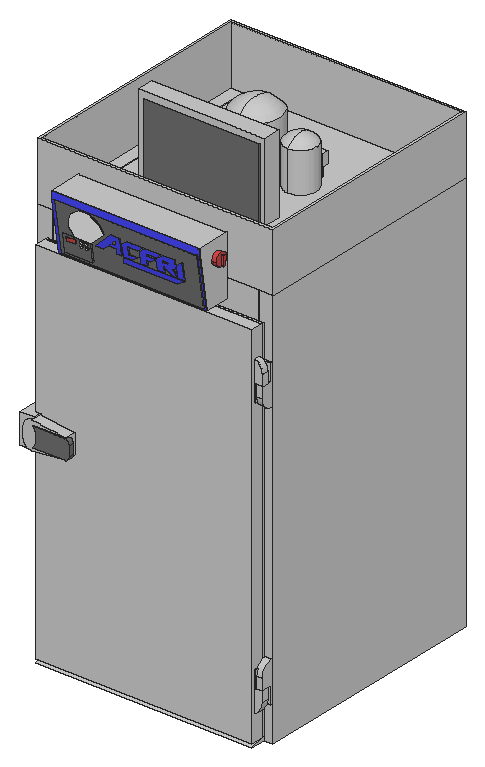
Revit family "QF_ACFRI_AR160-HR_AR160-HR_CU-RL.190709093002", category Specialty Equipment, Revit 2016
Family settings
  Part Type = Normal
  Round Connector Dimension = Use Diameter
  OmniClass Number = 23.40.40.14
  OmniClass Title = Food Service Equipment
  Work Plane-Based = No
  Always vertical = Yes
  Cut with Voids When Loaded = No
  Shared = No
  Room Calculation Point = No
Parameters (values of type "AR160-HR_400V/3Ph/50Hz")
  URL catalogue = ""
  URL = "www.acfri.com"
  Type de Raccord Electrique [instance] = ""
  Type article [instance] = ""
  Tension_AR160-HR_CU-RL [instance] = 400 V
  Tension = 400 V
  Status [instance] = ""
  Spécification technique = ""
  Spécification du Fabricant [instance] = ""
  Spécification de l'Utilisateur [instance] = ""
  SMACNA No spécifique pour les matériaux  Etats Unis = ""
  Quantité par lot [instance] = no
  Puissance électrique  = 7193 W
  Puissance en CV = ""
  Puissance Apparente = 7193 VA
  Protection de l'Appareil = 0 A
  Profondeur hors tout = 1145 mm
  Poids net à vide = 0.00 kg
  Phase = 3
  Numéro de Série = ""
  Nombres de Pôles_AR160-HR_CU-RL [instance] = 1
  Nombres de Pôles = 3
  Nombre d'identification NAFEM = ""
  Model = "AR160-HR"
  Manufacturer = "ACFRI"
  Longueur hors tout = 1120 mm
  Intensité nominale courant electrique = 7 A
  Installé Par [instance] = ""
  Identifiant Equipement [instance] = no
  Hauteur hors tout = 2360 mm
  Hauteur de Raccordement du Sol Finis [instance] = 50 mm
  Hauteur de Raccordement du Sol Brut [instance] = 0 mm
  Fréquence = 50 Hz
  Fournis Par [instance] = ""
  Description = "CELLULE À CHARIOT REFROIDISSEMENT RAPIDE, TAILLE RÉDUITE, GROUPE À AIR LOGÉ"
  Câble de connexion à l'appareil inclus = no
  Cost = 0
  Consommation d'énergie minimale = 0 A
  Connexion prise électrique  = ""
  Code de Révision [instance] = ""
  Classification dans le projet = ""
  Classement sismique = ""
  Accessoires = no
Reference planes
  plane 1 "Centre (avant/arrière)": y = 0
  plane 2: z = 0
  plane 3 "Centre (gauche/droite)": x = 0
Forms (mm)
  Extrusion 1, solid, not visible
    sketch origin (49, -2, 49) x (1, 0, 0) y (0, 1, 0)
      loop
        line (0, 0) -> (2, 0) -> (2, 2) -> (0, 2) -> (0, 0)
    from 0 to 2
  Extrusion 2, solid, not visible
    sketch origin (99, -2, -74) x (1, 0, 0) y (0, 1, 0)
      loop
        line (0, 0) -> (2, 0) -> (2, 2) -> (0, 2) -> (0, 0)
    from 0 to 2
Dimensions and locks
  aligned and locked: level to plane 2
Nested families
  nested 1: "QF_ACFRI_AR160-HR_400V_3Ph_50Hz" at (0, 0, 0), type "AR160-HR_400V/3Ph/50Hz"
    with Show Logo yes, Show Clearance yes
  nested 2: "QF_ACFRI_AR160-HR_DOOR_RX" at (0, 0, 0), type "AR160-HR_DOOR_RX"
    with Show Logo yes, Show Clearance yes
  nested 3: "QF_ACFRI_AR80-P740_COVER" at (0, 0, -73), type "AR80-P740_COVER"
    with Show Logo yes, Show Clearance yes
  nested 4: "QF_ACFRI_AR160-HR_CU-RL_400V_0Ph_50Hz" at (100, 0, -73), type "AR160-HR_CU-RL_400V/0Ph/50Hz"
    with Show Logo yes, Show Clearance yes
Connectors
  electrical at (50, 0, 50), driven by "Puissance Apparente", driven by "Nombres de Pôles", driven by "Tension"
    settings: on Extrusion 1, index 1, voltage 400 V, apparent load 0 VA, apparent load phase1 7193 VA, apparent load phase2 0 VA, apparent load phase3 0 VA, power factor 1, load classification "Other", number of poles 3, system type 31, power factor state 1, is connector primary yes, connector utility no, sub classification motor no, connector description "Electric connection for 'AR160-HR'"
  electrical at (100, 0, -73), driven by "Nombres de Pôles_AR160-HR_CU-RL", driven by "Tension_AR160-HR_CU-RL"
    settings: on Extrusion 2, index 2, voltage 400 V, apparent load 0 VA, apparent load phase1 0 VA, apparent load phase2 0 VA, apparent load phase3 0 VA, power factor 1, load classification "Other", number of poles 1, system type 31, power factor state 1, is connector primary no, connector utility no, sub classification motor no, connector description "Electric connection for 'AR160-HR_CU-RL'"
Definition of nested family "QF_ACFRI_AR160-HR_400V_3Ph_50Hz"
  Parameters (values of type "AR160-HR_400V/3Ph/50Hz")
    URL = "www.acfri.com"
    Show Logo [instance] = yes
    Show Clearance [instance] = yes
    Model = "AR160-HR"
    Manufacturer = "ACFRI"
    Description = "ROLL-IN, REDUCED HEIGHT BLAST CHILLING, INTERGRATED AIR COOLED CONDENSING UNIT"
    Assembly Code = "E1090320"
  Reference planes
    plane 1 "Back": y = 0
    plane 2: z = 0
    plane 3 "Left": x = 0
    plane 4 "Right": x = 1120
    plane 5 "Front": y = -1145
    plane 6 "Top": z = 2197
  Forms (mm)
    Extrusion 1, solid
      sketch origin (0, 0, -150) x (0, 1, 0) y (0, 0, 1)
        loop
          line (0, 2064.146) -> (-1145, 2064.146) -> (-1145, 150) -> (0, 150) -> (0, 2064.146)
      from 0 to 69.921
    Extrusion 2, solid
      sketch origin (182.316, -444.562, 209.298) x (0, 1, 0) y (0, 0, 1)
        loop
          line (-860.438, 1899.473) -> (-860.438, 1866.552) -> (-820.062, 1616.095) -> (-700.438, 1616.095) -> (-700.438, 1899.473) -> (-860.438, 1899.473)
      from 12.404 to 717.404
    Extrusion 3, solid
      sketch origin (0, -444.562, -150) x (1, 0, 0) y (0, 0, 1)
        loop
          line (44.439, 1935.393) -> (44.439, 167.649) -> (1075.481, 167.649) -> (1075.481, 1935.393) -> (44.439, 1935.393)
        loop
          line (69.921, 1910.088) -> (69.921, 187.955) -> (1050, 187.955) -> (1050, 1910.088) -> (69.921, 1910.088)
      from 700.438 to 711.223
    Extrusion 4, solid
      sketch origin (1058.08, 0, -150) x (0, 1, 0) y (0, 0, 1)
        loop
          line (0, 2064.146) -> (-1145, 2064.146) -> (-1145, 150) -> (0, 150) -> (0, 2064.146)
      from -8.08 to 61.92
    Extrusion 5, solid
      sketch origin (0, 0, -150) x (0, 1, 0) y (0, 0, 1)
        loop
          line (-1145, 2064.146) -> (-1145, 1909.146) -> (-1074.745, 1909.146) -> (-1074.745, 1979.146) -> (-68.458, 1979.146) -> (-68.458, 167) -> (-1145, 167) -> (-1145, 150) -> (0, 150) -> (0, 2064.146) -> (-1145, 2064.146)
      from 69.921 to 1050
    Extrusion 6, solid
      sketch origin (182.316, -444.562, 209.298) x (0, 1, 0) y (0, 0, 1)
        loop
          circle (-764.498, 1820.753) r 30.24
      from 717.404 to 742.404
    Extrusion 7, solid
      sketch origin (182.316, -444.562, 209.298) x (0, 1, 0) y (0, 0, 1)
        loop
          line (-759.416, 1843.51) -> (-767.3, 1843.902) -> (-769.581, 1797.996) -> (-761.696, 1797.604) -> (-759.416, 1843.51)
      from 742.404 to 757.404
    Extrusion 8, solid
      sketch origin (182.316, -444.562, 209.298) x (0, 1, 0) y (0, 0, 1)
        loop
          line (-860.438, 1866.552) -> (-862.464, 1866.552) -> (-823.174, 1622.834) -> (-821.149, 1622.834) -> (-860.438, 1866.552)
      from 26.504 to 703.304
    Extrusion 9, solid
      sketch origin (182.316, -444.562, 209.298) x (0, 1, 0) y (0, 0, 1)
        loop
          line (-859.438, 1899.473) -> (-861.438, 1899.473) -> (-861.438, 1866.392) -> (-821.088, 1616.095) -> (-819.062, 1616.095) -> (-859.438, 1866.552) -> (-859.438, 1899.473)
      from 12.404 to 717.404
    Extrusion 10, solid
      sketch origin (136.165, -1211.341, 1482.306) x (1, 0, 0) y (0, -0.159156, 0.987253)
        loop
          line (93.554, 456.477) -> (93.554, 370.438) -> (228.354, 370.438) -> (228.354, 456.477) -> (93.554, 456.477)
      from 0 to 2
    Extrusion 11, solid
      sketch origin (136.165, -1211.341, 1482.306) x (1, 0, 0) y (0, -0.159156, 0.987253)
        loop
          line (108.554, 446.477) -> (108.554, 426.477) -> (153.209, 426.477) -> (153.209, 446.477) -> (108.554, 446.477)
      from 0 to 2.5
    Extrusion 12, solid
      sketch origin (136.165, -1211.341, 1482.306) x (1, 0, 0) y (0, -0.159156, 0.987253)
        loop
          circle (180.595, 446.477) r 7.041
        loop
          circle (205.595, 446.477) r 6.977
        loop
          circle (180.595, 426.477) r 6.969
        loop
          circle (205.595, 426.477) r 6.966
      from 0 to 2.5
    Extrusion 13, solid, visible <- "Show Logo"
      sketch origin (234.825, -1224.491, 1570.163) x (1, 0, 0) y (0, -0.159156, 0.987253)
        loop
          line (129.695, 367.647) -> (196.524, 434.476)
          arc (196.524, 434.476) -> (78.635, 500.079) -> (52.881, 367.647) r 83.333
          line (52.881, 367.647) -> (129.695, 367.647)
      from 0 to 2.5
    Extrusion 14, solid, visible <- "Show Logo"
      sketch origin (69.786, -1224.491, 1570.163) x (1, 0, 0) y (0, -0.159156, 0.987253)
        loop
          line (318.631, 367.647) -> (353.299, 367.647) -> (418.664, 433.012) -> (418.664, 406.346) -> (398.768, 406.346) -> (383.537, 391.115) -> (418.664, 391.115) -> (418.664, 367.647) -> (441.167, 367.647) -> (441.167, 447.647) -> (398.631, 447.647) -> (318.631, 367.647)
        loop
          line (448.944, 367.647) -> (493.774, 367.647) -> (521.549, 389.347) -> (479.182, 389.347) -> (479.182, 425.709) -> (524.998, 425.709) -> (553.077, 447.647) -> (475.047, 447.647) -> (448.944, 427.254) -> (448.944, 367.647)
        loop
          line (532.515, 367.647) -> (565.319, 367.647) -> (565.319, 394.314) -> (583.754, 394.314) -> (607.252, 414.031) -> (565.319, 414.031) -> (565.319, 425.49) -> (611.115, 425.49) -> (639.475, 447.647) -> (562.906, 447.647) -> (532.515, 422.146) -> (532.515, 367.647)
        loop
          line (611.712, 367.647) -> (644.318, 367.647) -> (644.318, 395.695) -> (682.923, 367.647) -> (702.113, 367.647) -> (702.113, 386.053) -> (689.341, 396.77) -> (702.113, 406.748) -> (702.113, 447.647) -> (647.314, 447.647) -> (611.712, 417.774) -> (611.712, 367.647)
        loop
          line (644.318, 425.49) -> (644.318, 414.031) -> (672.553, 414.031) -> (672.553, 425.49) -> (644.318, 425.49)
        loop
          line (708.789, 367.647) -> (739.436, 367.647) -> (739.436, 447.647) -> (708.789, 423.703) -> (708.789, 367.647)
        loop
          line (448.944, 360.305) -> (448.944, 337.873) -> (706.045, 337.873) -> (739.301, 360.305) -> (448.944, 360.305)
      from 0 to 2.5
    Extrusion 15, solid
      sketch origin (0, 5, 0) x (1, 0, 0) y (0, 0, 1)
        loop
          circle (50, 50) r 5
      from 0 to 5
    Extrusion 16, solid
      sketch origin (0, -160, 0) x (0, 1, 0) y (0, 0, 1)
        loop
          line (-985, 0) -> (-985, 17) -> (-1055, 0) -> (-985, 0)
      from 44.439 to 1075.561
  Lines and regions (mm)
    symbolic lines
      curve 1: line (0, 0, 0) -> (1120, 0, 0)
      curve 2: line (0, -1145, 0) -> (0, 0, 0)
      curve 3: line (1120, -1145, 0) -> (0, -1145, 0)
      curve 4: line (1120, 0, 0) -> (1120, -1145, 0)
      curve 5: line (194.72, -1145, 0) -> (194.72, -1305, 0)
      curve 6: line (194.72, -1305, 0) -> (899.72, -1305, 0)
      curve 7: line (899.72, -1305, 0) -> (899.72, -1145, 0)
      curve 8: line (924.72, -1178.82, 0) -> (899.72, -1178.82, 0)
      curve 9: line (924.72, -1178.82, 0) -> (924.72, -1239.3, 0)
      curve 10: line (924.72, -1239.3, 0) -> (899.72, -1239.3, 0)
      curve 11: line (939.72, -1214.142, 0) -> (939.72, -1203.977, 0)
      curve 12: line (939.72, -1203.977, 0) -> (924.72, -1203.977, 0)
      curve 13: line (939.72, -1214.142, 0) -> (924.72, -1214.142, 0)
      curve 14: line (44.439, -1145, 0) -> (44.439, -1215, 0)
      curve 15: line (1075.561, -1145, 0) -> (1075.561, -1215, 0)
      curve 16: line (44.439, -1215, 0) -> (194.72, -1215, 0)
      curve 17: line (1075.561, -1215, 0) -> (924.72, -1215, 0)
  Dimensions and locks
    plane 3 "Left" to plane 4 "Right" = 1120 mm
    plane 5 "Front" to plane 1 "Back" = 1145 mm
    plane 6 "Top" to level = 2197 mm
    aligned and locked: level to plane 2
  Connectors
    electrical at (50, 5, 50)
      settings: on Extrusion 15, index 1, voltage 0 V, apparent load 0 VA, apparent load phase1 0 VA, apparent load phase2 0 VA, apparent load phase3 0 VA, power factor 1, load classification none, number of poles 1, system type 31, power factor state 1, is connector primary yes, connector utility no, sub classification motor no, connector description "Electrical connection"
Definition of nested family "QF_ACFRI_AR160-HR_DOOR_RX"
  Parameters (values of type "AR160-HR_DOOR_RX")
    URL catalogue [instance] = ""
    URL = "www.acfri.com"
    Status [instance] = ""
    Spécification technique [instance] = ""
    Spécification du Fabricant [instance] = ""
    Spécification de l'Utilisateur [instance] = ""
    Show Logo [instance] = yes
    Show Clearance [instance] = yes
    SMACNA No spécifique pour les matériaux  Etats Unis [instance] = ""
    Quantité par lot [instance] = no
    Profondeur hors tout [instance] = 60 mm
    Poids net à vide [instance] = 0.00 kg
    Numéro de Série [instance] = ""
    Nombre d'identification NAFEM [instance] = ""
    Model = "AR160-HR_DOOR_RX"
    Manufacturer = "ACFRI"
    Longueur hors tout [instance] = 1030 mm
    Installé Par [instance] = ""
    Identifiant Equipement [instance] = no
    Hauteur hors tout [instance] = 1768 mm
    Fournis Par [instance] = ""
    Description = "PORTE AVEC OUVERTURE DROITE"
    Cost = 0
    Code de Révision [instance] = ""
    Classification dans le projet [instance] = ""
    Classement sismique [instance] = ""
    Assembly Code = "E1090320"
    Accessoires [instance] = yes
  Reference planes
    plane 1 "Back": y = 0
    plane 2: z = 0
    plane 3 "Left": x = 0
    plane 4 "Right": x = 1120
    plane 5 "Front": y = -1145
    plane 6 "Top": z = 2270
  Forms (mm)
    Extrusion 1, solid
      sketch origin (100, -160, 0) x (1, 0, 0) y (0, 0, 1)
        loop
          line (-55.561, 1784.452) -> (-55.561, 17.649) -> (975.561, 17.649) -> (975.561, 1784.452) -> (-55.561, 1784.452)
      from 995.785 to 1055
    Extrusion 2, solid
      sketch origin (116.532, -160, 0) x (1, 0, 0) y (0, 0, 1)
        loop
          line (113.468, 1049.125) -> (-48.815, 1069.051)
          arc (-48.815, 1069.051) -> (-79.244, 1056.446) -> (-91.848, 1026.017) r 43.033
          line (-91.848, 1026.017) -> (-91.848, 978.102)
          arc (-91.848, 978.102) -> (-79.244, 947.673) -> (-48.815, 935.069) r 43.033
          line (-48.815, 935.069) -> (113.468, 954.995) -> (113.468, 1049.125)
      from 1055.785 to 1105.372
    Extrusion 3, solid
      sketch origin (116.532, -1271.785, 0) x (1, 0, 0) y (0, 0, 1)
        loop
          arc (134.453, 1025.73) -> (127.816, 1041.753) -> (111.793, 1048.39) r 22.66
          line (111.793, 1048.39) -> (-40.547, 1048.39)
          arc (-40.547, 1048.39) -> (-24.991, 1002.06) -> (-40.547, 955.73) r 76.77
          line (-40.547, 955.73) -> (111.793, 955.73)
          arc (111.793, 955.73) -> (127.816, 962.367) -> (134.453, 978.39) r 22.66
          line (134.453, 978.39) -> (134.453, 1025.73)
      from -19.846 to 0.154
    Extrusion 4, solid
      sketch origin (328.698, 30, -73) x (0, 1, 0) y (0, 0, 1)
        loop
          line (-1175, 1703.284) -> (-1185, 1703.284) -> (-1185, 1623.308) -> (-1233.008, 1623.308) -> (-1233.008, 1571.46)
          arc (-1233.008, 1571.46) -> (-1216.018, 1530.442) -> (-1175, 1513.452) r 58.008
          line (-1175, 1513.452) -> (-1175, 1703.284)
      from 756.862 to 786.362
    Extrusion 5, solid
      sketch origin (-99.439, -1959.87, 3173.615) x (-1, 0, 0) y (0, 0, 1)
        loop
          line (-1175, -1703.284) -> (-1175, -1516.484)
          arc (-1175, -1516.484) -> (-1203.601, -1537.613) -> (-1214.5, -1571.46) r 58.008
          line (-1214.5, -1571.46) -> (-1214.5, -1623.308) -> (-1185, -1623.308) -> (-1185, -1703.284) -> (-1175, -1703.284)
      from 756.862 to 786.362
    Extrusion 6, solid
      sketch origin (328.698, 30, 1875.101) x (0, 1, 0) y (0, 0, 1)
        loop
          line (-1175, -1703.284) -> (-1175, -1513.452)
          arc (-1175, -1513.452) -> (-1216.018, -1530.442) -> (-1233.008, -1571.46) r 58.008
          line (-1233.008, -1571.46) -> (-1233.008, -1623.308) -> (-1185, -1623.308) -> (-1185, -1703.284) -> (-1175, -1703.284)
      from 756.862 to 786.362
    Extrusion 7, solid
      sketch origin (-99.439, -1959.87, -1371.514) x (-1, 0, 0) y (0, 0, 1)
        loop
          line (-1175, 1703.284) -> (-1185, 1703.284) -> (-1185, 1623.308) -> (-1214.5, 1623.308) -> (-1214.5, 1571.46)
          arc (-1214.5, 1571.46) -> (-1203.601, 1537.613) -> (-1175, 1516.484) r 58.008
          line (-1175, 1516.484) -> (-1175, 1703.284)
      from 756.862 to 786.362
    Extrusion 8, solid
      sketch origin (0, -160, 0) x (1, 0, 0) y (0, 0, 1)
        loop
          line (67.717, 1069.051) -> (67.717, 1074.051) -> (0, 1074.051) -> (0, 930.069) -> (67.717, 930.069) -> (67.717, 935.069)
          arc (67.717, 935.069) -> (37.288, 947.673) -> (24.684, 978.102) r 43.033
          line (24.684, 978.102) -> (24.684, 1026.017)
          arc (24.684, 1026.017) -> (37.288, 1056.446) -> (67.717, 1069.051) r 43.033
      from 985 to 1091.939
    Extrusion 9, solid, visible <- "Show Clearance", detail levels coarse
      sketch origin (100, -160, 0) x (1, 0, 0) y (0, 1, 0)
        loop
          line (975.561, -1055) -> (-55.561, -1055)
          arc (-55.561, -1055) -> (225.535, -1762.582) -> (915.561, -2084.374) r 1031.121
          line (915.561, -2084.374) -> (975.561, -2084.374) -> (975.561, -1055)
      from 17.649 to 1784.452
  Lines and regions (mm)
    symbolic lines, visible <- "Show Clearance"
      curve 1: line (1075.561, -2244.374, 0) -> (1075.561, -1215, 0)
      curve 2: line (1015.561, -2244.374, 0) -> (1075.561, -2244.374, 0)
      curve 3: line (1015.561, -2244.374, 0) -> (1015.561, -1215, 0)
      curve 4: arc (1015.561, -2244.374, 0) -> (325.535, -1922.582, 0) -> (44.439, -1215, 0) r 1031.121
  Dimensions and locks
    plane 3 "Left" to plane 4 "Right" = 1120 mm
    plane 5 "Front" to plane 1 "Back" = 1145 mm
    plane 6 "Top" to level = 2270 mm
    aligned and locked: level to plane 2
Definition of nested family "QF_ACFRI_AR80-P740_COVER"
  Parameters (values of type "AR80-P740_COVER")
    URL catalogue [instance] = ""
    URL = "www.acfri.com"
    Status [instance] = ""
    Spécification technique [instance] = ""
    Spécification du Fabricant [instance] = ""
    Spécification de l'Utilisateur [instance] = ""
    Show Logo [instance] = yes
    Show Clearance [instance] = yes
    SMACNA No spécifique pour les matériaux  Etats Unis [instance] = ""
    Quantité par lot [instance] = no
    Profondeur hors tout [instance] = 985 mm
    Poids net à vide [instance] = 0.00 kg
    Numéro de Série [instance] = ""
    Nombre d'identification NAFEM [instance] = ""
    Model = "AR80-P740_COVER"
    Manufacturer = "ACFRI"
    Longueur hors tout [instance] = 1120 mm
    Installé Par [instance] = ""
    Identifiant Equipement [instance] = no
    Hauteur hors tout [instance] = 220 mm
    Fournis Par [instance] = ""
    Description = "COUVERCLE STANDARD"
    Cost = 0
    Code de Révision [instance] = ""
    Classification dans le projet [instance] = ""
    Classement sismique [instance] = ""
    Assembly Code = "E1090320"
    Accessoires [instance] = yes
  Reference planes
    plane 1 "Back": y = 0
    plane 2: z = 0
    plane 3 "Left": x = 0
    plane 4 "Right": x = 1120
    plane 5 "Front": y = -1145
    plane 6 "Top": z = 2270
  Forms (mm)
    Extrusion 1, solid
      sketch origin (0, 0, 363.091) x (1, 0, 0) y (0, 1, 0)
        loop
          line (0, 0) -> (0, -1145) -> (1120, -1145) -> (1120, 0) -> (0, 0)
        loop
          line (10, -10) -> (10, -1135) -> (1110, -1135) -> (1110, -10) -> (10, -10)
      from 1624.055 to 1906.909
  Lines and regions (mm)
    symbolic lines
      curve 1: line (0, 0, 0) -> (1120, 0, 0)
      curve 2: line (0, -1145, 0) -> (0, 0, 0)
      curve 3: line (1120, -1145, 0) -> (0, -1145, 0)
      curve 4: line (1120, 0, 0) -> (1120, -1145, 0)
      curve 5: line (10, -10, 0) -> (1110, -10, 0)
      curve 6: line (10, -1135, 0) -> (10, -10, 0)
      curve 7: line (1110, -1135, 0) -> (10, -1135, 0)
      curve 8: line (1110, -10, 0) -> (1110, -1135, 0)
  Dimensions and locks
    plane 3 "Left" to plane 4 "Right" = 1120 mm
    plane 5 "Front" to plane 1 "Back" = 1145 mm
    plane 6 "Top" to level = 2270 mm
    aligned and locked: level to plane 2
Definition of nested family "QF_ACFRI_AR160-HR_CU-RL_400V_0Ph_50Hz"
  Parameters (values of type "AR160-HR_CU-RL_400V/0Ph/50Hz")
    URL catalogue [instance] = ""
    URL = "www.acfri.com"
    Type de Raccord Electrique [instance] = ""
    Tension [instance] = 400 V
    Status [instance] = ""
    Spécification technique [instance] = ""
    Spécification du Fabricant [instance] = ""
    Spécification de l'Utilisateur [instance] = ""
    Show Logo [instance] = yes
    Show Clearance [instance] = yes
    SMACNA No spécifique pour les matériaux  Etats Unis [instance] = ""
    Quantité par lot [instance] = no
    Puissance en CV [instance] = ""
    Protection de l'Appareil [instance] = 0 A
    Profondeur hors tout [instance] = 985 mm
    Poids net à vide [instance] = 0.00 kg
    Numéro de Série [instance] = ""
    Nombres de Pôles [instance] = 1
    Nombre d'identification NAFEM [instance] = ""
    Model = "AR160-HR_CU-RL"
    Manufacturer = "ACFRI"
    Longueur hors tout [instance] = 795 mm
    Intensité nominale courant electrique [instance] = 19.5 A
    Installé Par [instance] = ""
    Identifiant Equipement [instance] = no
    Hauteur hors tout [instance] = 373 mm
    Hauteur de Raccordement du Sol Brut [instance] = 0 mm
    Fréquence [instance] = 50 Hz
    Fournis Par [instance] = ""
    Description = "GROUPE À AIR LOGÉ"
    Câble de connexion à l'appareil inclus [instance] = no
    Cost = 0
    Consommation d'énergie minimale [instance] = 0 A
    Connexion prise électrique  [instance] = ""
    Code de Révision [instance] = ""
    Classification dans le projet [instance] = ""
    Classement sismique [instance] = ""
    Assembly Code = "E1090320"
    Accessoires [instance] = yes
  Reference planes
    plane 1 "Back": y = 0
    plane 2: z = 0
    plane 3 "Left": x = 0
    plane 4 "Right": x = 795
    plane 5 "Front": y = -1145
    plane 6 "Top": z = 2360
  Forms (mm)
    Extrusion 1, solid
      sketch origin (0, -149.562, 280) x (1, 0, 0) y (0, 1, 0)
        loop
          line (60.103, -518.881) -> (60.103, -599.003) -> (663.626, -599.003) -> (663.626, -518.881) -> (60.103, -518.881)
      from 1707.146 to 2080
    Revolve 2, solid
      sketch origin (360.151, -149.562, 280) x (0, 1, 0) y (0, 0, 1)
        loop
          arc (-269.818, 2012.68) -> (-332.29, 1997.64) -> (-381.072, 1955.814) r 137.263
          line (-381.072, 1955.814) -> (-381.072, 1707.146) -> (-269.818, 1707.146) -> (-269.818, 2012.68)
        axis (-269.818, 2012.68) -> (-269.818, 1707.146)
      angle from 0 to 360
    Revolve 3, solid
      sketch origin (575, -149.562, 280) x (0, 1, 0) y (0, 0, 1)
        loop
          arc (-275.51, 1933.81) -> (-317.188, 1923.745) -> (-349.68, 1895.769) r 91.325
          line (-349.68, 1895.769) -> (-349.68, 1707.146) -> (-275.51, 1707.146) -> (-275.51, 1933.81)
        axis (-275.51, 1933.81) -> (-275.51, 1707.146)
      angle from 0 to 360
    Extrusion 4, solid
      sketch origin (29.776, -102.355, 363.091) x (0.98789, -0.155155, 0) y (0.155155, 0.98789, 0)
        loop
          line (304.239, -149.393) -> (271.196, -180.519) -> (283.977, -197.898) -> (317.02, -166.772) -> (304.239, -149.393)
      from 1704.556 to 1759.473
    Extrusion 5, solid
      sketch origin (0, -149.562, 363.091) x (0, 1, 0) y (0, 0, 1)
        loop
          line (-158.204, 1732.155) -> (-188.702, 1732.155) -> (-188.702, 1635.394) -> (-185.136, 1635.394) -> (-185.136, 1675.065) -> (-158.204, 1675.065) -> (-158.204, 1732.155)
      from 538.186 to 609.829
    Extrusion 6, solid
      sketch origin (0, -149.562, 280) x (1, 0, 0) y (0, 0, 1)
        loop
          circle (362.306, 1878.335) r 137.9
        loop
          circle (362.306, 1878.335) r 127.9
      from 498.316 to 518.881
    Extrusion 7, solid
      sketch origin (0, -748.564, 280) x (1, 0, 0) y (0, 0, 1)
        loop
          line (86.969, 2048.036) -> (86.969, 1707.146) -> (636.76, 1707.146) -> (636.76, 2048.036) -> (86.969, 2048.036)
      from 0 to 2
    Revolve 8, solid
      sketch origin (0, -149.562, 2158.335) x (1, 0, 0) y (0, 1, 0)
        loop
          line (362.306, -449.798) -> (362.306, -518.881) -> (379.954, -518.881) -> (379.954, -467.446)
          arc (379.954, -467.446) -> (374.785, -454.967) -> (362.306, -449.798) r 17.648
        axis (362.306, -449.798) -> (362.306, -518.881)
      angle from 0 to 360
    Extrusion 9, solid
      sketch origin (0, -150.338, 280) x (1, 0, 0) y (0, 0, 1)
        loop
          line (279.63, 1795.131) -> (312.396, 1772.188) -> (360.491, 1862.64) -> (348.178, 1871.261) -> (279.63, 1795.131)
        loop
          line (444.982, 1795.131) -> (376.434, 1871.261) -> (364.122, 1862.64) -> (412.216, 1772.188) -> (444.982, 1795.131)
        loop
          line (352.456, 1995.217) -> (356.031, 1892.836) -> (371.004, 1891.526) -> (392.303, 1991.731) -> (352.456, 1995.217)
        loop
          line (479.123, 1888.931) -> (468.77, 1927.568) -> (373.786, 1889.192) -> (377.676, 1874.673) -> (479.123, 1888.931)
        loop
          line (249.104, 1909.055) -> (346.534, 1877.398) -> (352.886, 1891.02) -> (266.009, 1945.307) -> (249.104, 1909.055)
      from 508.105 to 518.105
  Lines and regions (mm)
    symbolic lines
      curve 1: line (60.103, -668.443, 0) -> (663.626, -668.443, 0)
      curve 2: line (60.103, -748.564, 0) -> (60.103, -668.443, 0)
      curve 3: line (663.626, -748.564, 0) -> (60.103, -748.564, 0)
      curve 4: line (663.626, -668.443, 0) -> (663.626, -748.564, 0)
      curve 5: circle (360.151, -419.379, 0) r 111.254 normal (0, 0, -1)
      curve 6: circle (575, -425.072, 0) r 74.169 normal (0, 0, -1)
      curve 7: line (609.829, -307.766, 0) -> (538.186, -307.766, 0)
      curve 8: line (538.186, -307.766, 0) -> (538.186, -338.264, 0)
      curve 9: line (609.829, -338.264, 0) -> (609.829, -307.766, 0)
      curve 10: line (538.186, -338.264, 0) -> (609.829, -338.264, 0)
      curve 11: line (307.152, -297.144, 0) -> (269.679, -322.766, 0)
      curve 12: line (269.679, -322.766, 0) -> (279.849, -342.379, 0)
      curve 13: line (317.297, -316.71, 0) -> (307.152, -297.144, 0)
      curve 14: line (500.206, -647.878, 0) -> (224.406, -647.878, 0)
      curve 15: line (224.406, -647.878, 0) -> (224.406, -668.443, 0)
      curve 16: line (500.206, -647.878, 0) -> (500.206, -668.443, 0)
      curve 17: line (344.664, -617.038, 0) -> (344.664, -647.878, 0)
      curve 18: line (379.948, -617.038, 0) -> (379.948, -647.878, 0)
      curve 19: arc (344.664, -617.038, 0) -> (362.306, -599.396, 0) -> (379.948, -617.038, 0) r 17.642
  Dimensions and locks
    plane 3 "Left" to plane 4 "Right" = 795 mm
    plane 5 "Front" to plane 1 "Back" = 1145 mm
    plane 6 "Top" to level = 2360 mm
    aligned and locked: level to plane 2
